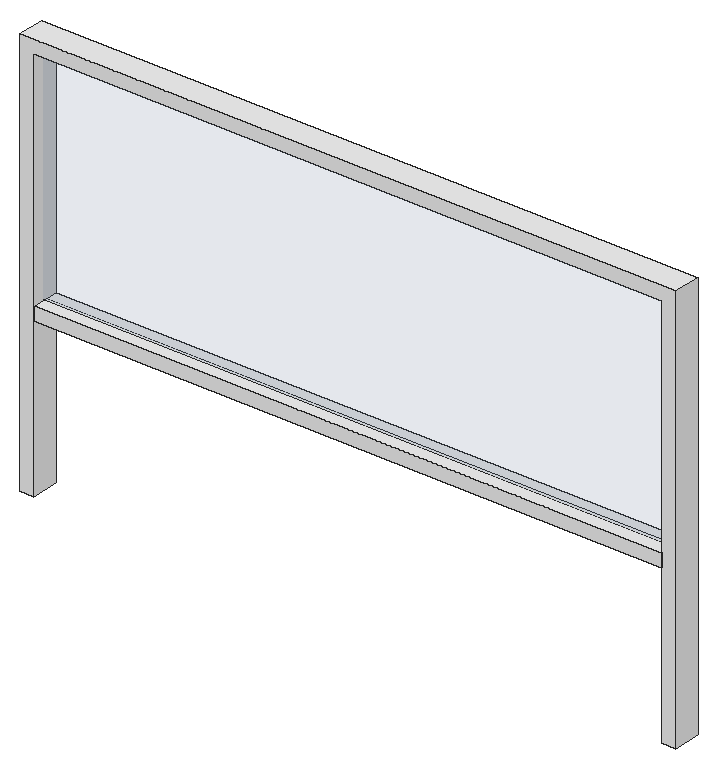
Revit family
Parameters
  Rough Height = 2400 mm
  프레임 투영 외부. = 25 mm
  프레임 투영 내부. = 25 mm
  프레임 폭 = 75 mm
  Height = 1500 mm
  Wall Closure = (empty or 0)
  Width = 2400 mm
  창 두께 = 100 mm
  창 패널 = SSW4 창 패널
  창 높이 = 900 mm
  창 프레임 = SSW4 창 프레임
Reference planes
  plane 1: y = 0
  plane 2 "왼쪽": x = -2425
  plane 3 "오른쪽": x = -25
  plane 4: z = 2400
  plane 5 "외부": y = 75
  plane 6 "내부": y = -75
  plane 7: x = -2375
  plane 8: x = -75
  plane 9: y = 50
  plane 10: y = -50
  plane 11: z = 2350
  plane 12: z = 100
  plane 13: y = 6
  plane 14: y = -6
  plane 15: y = 16
  plane 16: y = -16
  plane 17: x = -1225
  plane 18: z = 900
  plane 19: z = 1500
  plane 20: z = 1475
  plane 21: z = 1525
Forms (mm)
  Sweep 1, solid, material "SSW4 창 프레임" <- "창 프레임"
    path origin (-3375, 50, 1200) x (-1, 0, 0) y (0, 0, 1)
      loop
        line (-950, -300) -> (-950, 1200) -> (-3350, 1200) -> (-3350, -300)
    profile origin (-25, 50, 900) x (0, 1, 0) y (-1, 0, 0)
      loop
        line (0, 50) -> (-100, 50) -> (-100, 0) -> (0, 0) -> (0, 50)
  Extrusion 2, solid, material "SSW4 창 프레임" <- "창 프레임"
    sketch origin (-2581.693, 300, 1475) x (0, 1, 0) y (1, 0, 0)
      loop
        line (-250, 206.693) -> (-250, 2506.693) -> (-350, 2506.693) -> (-350, 206.693) -> (-250, 206.693)
    from 0 to -50
  Extrusion 3, solid, material "SSW4 창 패널" <- "창 패널"
    sketch origin (-2581.693, 300, 1475) x (0, 1, 0) y (1, 0, 0)
      loop
        line (-294, 206.693) -> (-294, 2506.693) -> (-306, 2506.693) -> (-306, 206.693) -> (-294, 206.693)
    from -875 to -50
Lines and regions (mm)
  Opening 1
    outline origin (-5000, -75, 0) x (1, 0, 0) y (0, 0, 1)
      loop
        line (4975, 2400) -> (2575, 2400) -> (2575, 900) -> (4975, 900) -> (4975, 2400)
  symbolic lines
    curve 1: line (-75, 0, 1475) -> (-2375, 0, 1475)
Text (mm)
  text "외부" at (-2295.016, 1099.543, 0), in view "참조 레벨"
  text "외부" at (0, 1615.38, 3698.081), in view "왼쪽"
  text "외부" at (0, 1036.032, 3874.932), in view "오른쪽"
Dimensions and locks
  plane 2 "왼쪽" to plane 3 "오른쪽" = 2400 mm
  "Width": plane 2 "왼쪽" to plane 3 "오른쪽"
  "Height": plane 18 to plane 4
  "창 높이": level to plane 18
  locked: plane 5 "외부" to host wall at 0
  locked: plane 6 "내부" to host wall
  locked: plane 2 "왼쪽" to plane 7 at 50
  locked: plane 8 to plane 3 "오른쪽" at 50
  "창 두께": plane 9 to plane 10
  plane 13 to host wall to plane 14 = 6 mm locked, 6 mm locked
  locked: plane 14 to plane 16 at 10
  locked: plane 15 to plane 13 at 10
  plane 2 "왼쪽" to plane 17 to plane 3 "오른쪽" = 1200 mm, 1200 mm
  locked: plane 18 to plane 19 at 600
  plane 20 to plane 19 to plane 21 = 25 mm locked, 25 mm locked
  locked: plane 11 to plane 4 at 50
  equal spacing: plane 9, plane 1, plane 10
  aligned and locked: host wall to plane 1
  aligned and locked: plane 3 "오른쪽" to Opening 1 sketch curve
  aligned and locked: Opening 1 sketch curve to plane 4
  aligned and locked: plane 18 to Opening 1 sketch curve
  aligned and locked: plane 2 "왼쪽" to Opening 1 sketch curve
  aligned and locked: host wall to Sweep 1 sketch curve
  aligned and locked: Sweep 1 sketch curve to host wall
  aligned and locked: plane 8 to Sweep 1 sketch curve
  aligned and locked: profile plane to Sweep 1 sketch curve  (x2)
  aligned and locked: plane 10 to Sweep 1 sketch curve
  aligned and locked: plane 7 to Extrusion 2 sketch curve
  aligned and locked: plane 9 to Extrusion 2 sketch curve
  aligned and locked: plane 10 to Extrusion 2 sketch curve
  aligned and locked: Extrusion 2 sketch curve to Sweep 1
  aligned and locked: Extrusion 2 to plane 21
  aligned and locked: plane 7 to Extrusion 3 sketch curve
  aligned and locked: plane 13 to Extrusion 3 sketch curve
  aligned and locked: plane 14 to Extrusion 3 sketch curve
  aligned and locked: Extrusion 3 sketch curve to plane 8
  aligned and locked: Extrusion 3 to plane 11
  aligned and locked: plane 21 to Extrusion 3
  aligned: Sweep 1 to curve 1
  aligned and locked: plane 1 to curve 1
Automatic sketch dimensions
  Sweep 1 sketch curve to plane 3 "오른쪽" = 0 mm
  Sweep 1 sketch curve to plane 18 = 0 mm  (x2)
  curve 1 to plane 8 = 0 mm
  curve 1 to plane 7 = 0 mm
